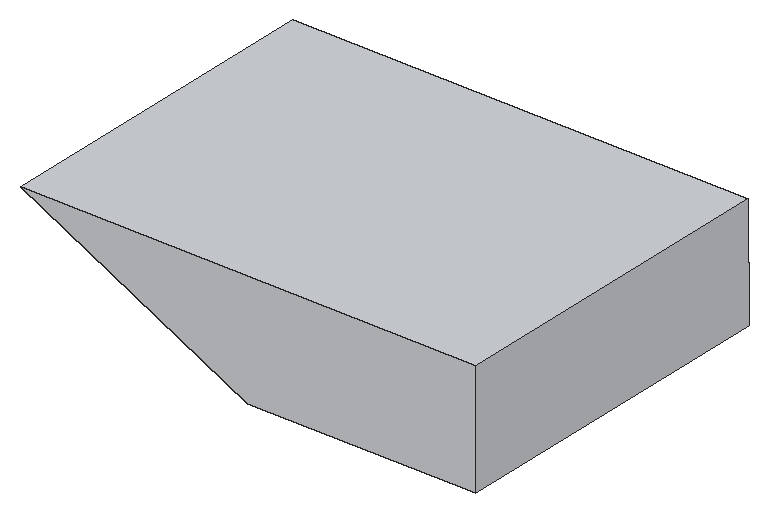
Revit family "Stepped ffoting family_2022", category Structural Foundations, Revit 2022
Family settings
  Material for Model Behavior = Other
  Cap = No
  OmniClass Number = 23.25.05.00
  OmniClass Title = Foundations
  Work Plane-Based = Yes
  Always vertical = Yes
  Cut with Voids When Loaded = No
  Shared = No
Parameters
  Width = 3' - 0"
  Structural Material = none
  Length = 4' - 0"
  Height = 1' - 0"
  Heel Depth = 2' - 0"
  Foundation Thickness = 3' - 0"
  Default Elevation = 4' - 0"
  Assembly Code = "A1010100"
Reference planes (in)
  plane 1 "Center (Front/Back)": y = 0
  plane 2: z = 0
  plane 3 "Center (Left/Right)": x = 0
  plane 4: x = -24
  plane 5: x = 24
  plane 6: y = 18
  plane 7: y = 36
  plane 8: z = 12
  plane 9: x = 0
Forms (in)
  Extrusion 1, solid, material <- "Structural Material"
    sketch origin (0, 0, 0) x (1, 0, 0) y (0, 0, 1)
      loop
        line (24, 0) -> (24, 12) -> (-24, 12) -> (0, 0) -> (24, 0)
    from -36 to 0
Dimensions and locks (in)
  equal spacing: plane 4, plane 3 "Center (Left/Right)", plane 5
  "Length": plane 4 to plane 5
  equal spacing: plane 1 "Center (Front/Back)", plane 6, plane 7
  "Foundation Thickness": plane 1 "Center (Front/Back)" to plane 7
  "Height": plane 8 to plane 2
  "Heel Depth": plane 5 to plane 9
  aligned and locked: level to plane 2
  aligned and locked: Extrusion 1 to plane 7
  aligned and locked: plane 1 "Center (Front/Back)" to Extrusion 1
Automatic sketch dimensions
  Extrusion 1 sketch curve to plane 4 = 0' - 0"
  Extrusion 1 sketch curve to plane 9 = 0' - 0"
  Extrusion 1 sketch curve to plane 5 = 0' - 0"
  Extrusion 1 sketch curve to level = 0' - 0"
  Extrusion 1 sketch curve to plane 8 = 0' - 0"
